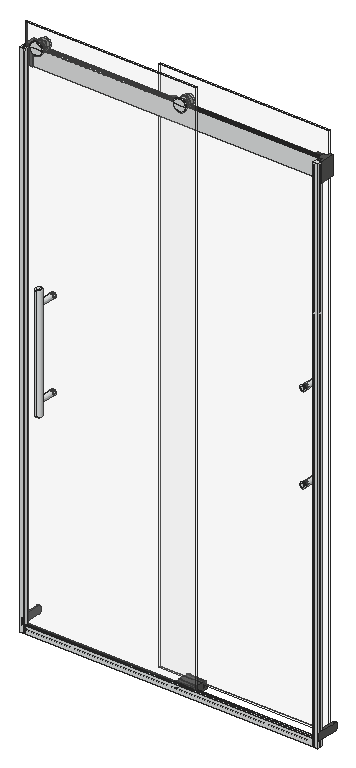
Revit family "Shower-Shower_Door-KOHLER-Levity_Plus-K-702427_1", category Specialty Equipment, host Face, Revit 2022
Family settings
  Host = Face
  Round Connector Dimension = Use Diameter
  Part Type = Normal
  OmniClass Number = 23.31.17.17
  OmniClass Title = Shower Enclosures
  Cut with Voids When Loaded = No
  Maintain Annotation Orientation = No
  Shared = No
  Room Calculation Point = No
Parameters (values of type "SHP-Bright Polished Silver")
  Width [instance] = Walk Thru + 25 205/256" + 199/256"  # 44 83/128"
  WaterSense Certified = 1 = 0  # no
  Walk Thru [instance] = 18 9/128"
  URL = "https://www.us.kohler.com/us/"
  Type = 1
  Product Page URL = "http://www.us.kohler.com/us/catalog/productDetails.jsp?productId=702427-L"
  Product Name = "Levity Plus"  # constant formula
  Product Documentation Link = "https://www.us.kohler.com/webassets/kpna/catalog/pdf/en/K-702427-L_spec_US-CA_Kohler_en.pdf"
  Model = if(Type = 1, "K-702427-L-SHP", if(Type = 2, "K-702427-L-BNK", if(Type = 3, "K-702427-L-BL", if(Type = 4, "K-702427-L-2MB", "NA"))))  # "K-702427-L-SHP"
  Material = "Premium Metal Construction"  # constant formula
  Master Format 2014 Name = "Shower Doors"  # constant formula
  Master Format 2014 = "10 28 19.16"  # constant formula
  Manufacturer Address = "444 Highland Dr, Kohler, WI 53044"  # constant formula
  Manufacturer = "KOHLER Co."  # constant formula
  Length = 7 11/128"  # constant formula
  Height = 81 157/256"  # constant formula
  Finish = Kohler-Metal-SHP-Bright_Polished_Silver
  Environmental Product Declaration = ""
  Description = "3/8 SHOWER DOOR 82 X 47-5/8 HANDLE"  # constant formula
  Default Elevation = 4"
  Declare Label = ""
  Date Modified = "03/24/2022"  # constant formula
  Date Created = "03/24/2022"  # constant formula
  Copyright = "Copyright KOHLER Co."  # constant formula
  Contact Us = "https://www.us.kohler.com/us/static/contact.jsp"
  Assembly Code = "C1030200"
  ADA Compliant = 1 = 0  # no
Reference planes (in)
  plane 1 "Center (Front/Back)": y = 0
  plane 2: z = 0
  plane 3 "Center (Left/Right)": x = 0
  plane 4: x = 18.07031
  plane 5: x = -25.80098
  plane 6: z = 47.95276
  plane 7: x = -21.8318
  plane 8: z = 45.84791
  plane 9: z = 30.94488
  plane 10: z = 32.92665
  plane 11: x = 18.84746
  plane 12: x = 14.7811
  plane 13: x = -1.99865
  plane 14: y = -0.5693
  plane 15: x = -5.09536
  plane 16: x = 16.5311
  plane 17: z = 81.61328
  plane 18: z = 77.55906
  plane 19: z = 78.82047
  plane 20: z = 75.66929
  plane 21: x = -5.09536
  plane 22: x = -5.09536
  plane 23: z = 78.22835
  plane 24: y = 3.98582
  plane 25: y = 4.41101
  plane 26: y = -2.23072
  plane 27: y = -2.67493
  plane 28: y = -0.06203
Dimensions and locks (in)
  "Walk Thru": plane 4 to plane 3 "Center (Left/Right)"
  locked: plane 4 to plane 11 at 0.77715
  locked: plane 16 to plane 4 at 1.53921
  locked: plane 12 to plane 16 at 1.75
  locked: plane 15 to plane 16 at 21.62646
  "Width": plane 5 to plane 11
  plane 9 to level = 30.94488"
  locked: plane 6 to plane 9 at 17.00787
  locked: plane 10 to plane 9 at 1.98177
  plane 6 to plane 8 = 2.10485"
  "Height": plane 17 to level
  plane 20 to level = 75.66929"
  "Length": plane 25 to plane 27
  plane 23 to plane 20 = 2.55906"
  aligned and locked: plane 2 to host face
  aligned and locked: level to host face
  aligned and locked: plane 1 "Center (Front/Back)" to nested 1
  aligned and locked: plane 3 "Center (Left/Right)" to nested 1
  aligned and locked: plane 4 to nested 1
Automatic sketch dimensions
  host sketch curve to host sketch curve = 96"  (x2)
Nested families (in)
  nested 1: "K-702427" at (0, -0.5693, 0), type "K-702427"
Definition of nested family "K-702427"
  Parameters (values of type "K-702427")
    Width = Walk Thru + 25.79921" + 0.77559"  # 44.64512"
    Walk Thru = 18 9/128"
    Material = none
    Height = 81.61417"
    Default Elevation = 0"
  Reference planes (in)
    plane 1 "Center (Front/Back)": y = 0
    plane 2: z = 0
    plane 3 "Center (Left/Right)": x = 0
    plane 4: z = 77.55906
    plane 5: z = 30.94488
    plane 6: z = 47.95276
    plane 7: x = 18.07031
    plane 8: x = 18.84746
    plane 9 "E": x = 14.7811
    plane 10 "B": x = -21.8318
    plane 11 "A": z = 78.82047
    plane 12: x = -28.99865
    plane 13: x = -1.99865
    plane 14: y = -2.1063
    plane 15: z = 32.92665
    plane 16: z = 45.92665
    plane 17: y = -1.66142
    plane 18 "C": x = 16.5311
    plane 19 "D": x = -10.4695
    plane 20: x = 18.507
    plane 21: x = -21.8318
    plane 22: z = 77.55906
    plane 23: x = -25.79766
    plane 24 "T": x = -5.09536
    plane 25: y = 0.5693
    plane 26: z = 81.61417
    plane 27: y = 4.98031
    plane 28: y = 4.55512
    plane 29: z = 78.82047
    plane 30: z = 75.66929
    plane 31: z = 78.22835
  Forms (in)
    Extrusion 1, solid
      sketch origin (0, 0, 0) x (1, 0, 0) y (0, 1, 0)
        loop
          line (-25.79766, 2.37158) -> (-25.79766, 0.38563)
          arc (-25.79766, 0.38563) -> (-25.78843, 0.36336) -> (-25.76616, 0.35413) r 0.0315
          line (-25.76616, 0.35413) -> (-25.50948, 0.35413)
          arc (-25.50948, 0.35413) -> (-25.48721, 0.36336) -> (-25.47798, 0.38563) r 0.0315
          line (-25.47798, 0.38563) -> (-25.47798, 0.85734)
          arc (-25.47798, 0.85734) -> (-25.46876, 0.87961) -> (-25.44649, 0.88884) r 0.0315
          line (-25.44649, 0.88884) -> (-24.84431, 0.88884)
          arc (-24.84431, 0.88884) -> (-24.82282, 0.89774) -> (-24.81392, 0.91923) r 0.03039
          line (-24.81392, 0.91923) -> (-24.81392, 2.02115) -> (-25.48127, 2.02858) -> (-25.48127, 2.37088)
          arc (-25.48127, 2.37088) -> (-25.49049, 2.39315) -> (-25.51276, 2.40237) r 0.0315
          line (-25.51276, 2.40237) -> (-25.76687, 2.40237)
          arc (-25.76687, 2.40237) -> (-25.78864, 2.39336) -> (-25.79766, 2.37158) r 0.03079
      from 75.5168 to 78.40592
    Extrusion 2, solid, material <- "Material", detail levels medium+fine
      sketch origin (0, 0, 0) x (1, 0, 0) y (0, 1, 0)
        loop
          line (-25.47591, 0.20982) -> (-25.47591, -0.20982) -> (-25.2813, -0.20982) -> (-25.2813, -0.27247) -> (-25.74014, -0.27247) -> (-25.74014, -0.30702) -> (-25.14015, -0.32797)
          arc (-25.14015, -0.32797) -> (-25.06472, -0.29901) -> (-25.03315, -0.22464) r 0.10339
          line (-25.03315, -0.22464) -> (-25.03315, 0.22464)
          arc (-25.03315, 0.22464) -> (-25.06472, 0.29901) -> (-25.14015, 0.32797) r 0.10339
          line (-25.14015, 0.32797) -> (-25.74014, 0.30702) -> (-25.74014, 0.27247) -> (-25.2813, 0.27247) -> (-25.2813, 0.20982) -> (-25.47591, 0.20982)
        loop
          line (-25.79766, 0.20982) -> (-25.60858, 0.20982) -> (-25.60858, 0) -> (-25.60858, -0.20982) -> (-25.79766, -0.20982) -> (-25.79766, -0.25253) -> (-25.56727, -0.25253) -> (-25.56727, 0) -> (-25.56727, 0.25253) -> (-25.79766, 0.25253) -> (-25.79766, 0.20982)
      from 0.08036 to 78.36942
    Extrusion 3, solid, material <- "Material", detail levels medium+fine
      sketch origin (0, 0, 0) x (1, 0, 0) y (0, 1, 0)
        loop
          line (-25.14015, 0.32797) -> (-25.74014, 0.30702) -> (-25.74014, 0.25253) -> (-25.79766, 0.25253) -> (-25.79766, -0.25253) -> (-25.74014, -0.25253) -> (-25.74014, -0.30702) -> (-25.14015, -0.32797)
          arc (-25.14015, -0.32797) -> (-25.06472, -0.29901) -> (-25.03315, -0.22464) r 0.10339
          line (-25.03315, -0.22464) -> (-25.03315, 0.22464)
          arc (-25.03315, 0.22464) -> (-25.06472, 0.29901) -> (-25.14015, 0.32797) r 0.10339
      from 78.33261 to 78.36942
    Extrusion 4, solid
      sketch origin (0, 0, 0) x (0, 1, 0) y (0, 0, 1)
        loop
          line (2.917, 2.13263) -> (-0.20982, 2.13263) -> (-0.20982, 1.05663) -> (2.93672, 1.05663)
          arc (2.93672, 1.05663) -> (3.10579, 1.12666) -> (3.17581, 1.29573) r 0.23909
          line (3.17581, 1.29573) -> (3.17581, 1.87382)
          arc (3.17581, 1.87382) -> (3.10001, 2.05683) -> (2.917, 2.13263) r 0.25882
      from -25.79766 to -25.47798
    Extrusion 5, solid, material <- "Material"
      sketch origin (0, 0, 0) x (0, 1, 0) y (0, 0, 1)
        loop
          arc (0, 0.33997) -> (0.03474, 0.38326) -> (0.08453, 0.35871) r 0.04434
          line (0.08453, 0.35871) -> (0.11423, 0.29502)
          arc (0.11423, 0.29502) -> (0.14686, 0.27839) -> (0.17089, 0.30603) r 0.02975
          line (0.17089, 0.30603) -> (0.20017, 0.86474)
          arc (0.20017, 0.86474) -> (0.19197, 0.88698) -> (0.17019, 0.89634) r 0.03002
          line (0.17019, 0.89634) -> (0.02343, 0.89634)
          arc (0.02343, 0.89634) -> (-0.02199, 0.94176) -> (0.02343, 0.98718) r 0.04542
          line (0.02343, 0.98718) -> (0.19567, 0.98718)
          arc (0.19567, 0.98718) -> (0.19347, 1.02749) -> (0.15814, 1.04703) r 0.04169
          line (0.15814, 1.04703) -> (-0.19878, 1.04703) -> (-0.19878, 0) -> (0.49474, 0) -> (0.49474, 0.07959) -> (0.14319, 0.07959)
          arc (0.14319, 0.07959) -> (0.04194, 0.12153) -> (0, 0.22278) r 0.14319
          line (0, 0.22278) -> (0, 0.33997)
        loop
          line (0.53901, 0.96058) -> (0.10163, 0.96058)
          arc (0.10163, 0.96058) -> (0.08163, 0.94058) -> (0.10163, 0.92059) r 0.01999
          line (0.10163, 0.92059) -> (0.53901, 0.92059)
          arc (0.53901, 0.92059) -> (0.559, 0.94058) -> (0.53901, 0.96058) r 0.01999
      from -25.47591 to 18.07031
    Revolve 6, solid, material <- "Material", detail levels medium+fine
      sketch origin (27, 0, 78.82047) x (0, -1, 0) y (1, 0, 0)
        loop
          line (0.14044, -28.99865) -> (-1.79905, -28.99865) -> (-1.79905, -29.69269) -> (-1.43263, -29.69269) -> (-1.43263, -29.74488)
          arc (-1.43263, -29.74488) -> (-1.24562, -29.80339) -> (-1.05861, -29.74488) r 0.32812
          line (-1.05861, -29.74488) -> (-1.05861, -29.53477) -> (-0.92215, -29.53477) -> (-0.92215, -29.73162) -> (-0.7253, -29.73162) -> (-0.7253, -29.46245) -> (-0.36761, -29.46245) -> (-0.36761, -29.6593) -> (-0.06827, -29.6593) -> (-0.06827, -29.89414) -> (-0.02811, -29.93431) -> (0.09751, -29.93431) -> (0.14044, -29.89138) -> (0.14044, -28.99865)
        axis (0.14044, -28.99865) -> (-1.79905, -28.99865)
      angle from 0 to 360
    Revolve 7, solid, material <- "Material", detail levels medium+fine
      sketch origin (5.51575, 0, 78.82047) x (0, -1, 0) y (1, 0, 0)
        loop
          line (0.14044, -28.99865) -> (-1.79905, -28.99865) -> (-1.79905, -29.69269) -> (-1.43263, -29.69269) -> (-1.43263, -29.74488)
          arc (-1.43263, -29.74488) -> (-1.24562, -29.80339) -> (-1.05861, -29.74488) r 0.32812
          line (-1.05861, -29.74488) -> (-1.05861, -29.53477) -> (-0.92215, -29.53477) -> (-0.92215, -29.73162) -> (-0.7253, -29.73162) -> (-0.7253, -29.46245) -> (-0.36761, -29.46245) -> (-0.36761, -29.6593) -> (-0.06827, -29.6593) -> (-0.06827, -29.89414) -> (-0.02811, -29.93431) -> (0.09751, -29.93431) -> (0.14044, -29.89138) -> (0.14044, -28.99865)
        axis (0.14044, -28.99865) -> (-1.79905, -28.99865)
      angle from 0 to 360
    Extrusion 8, solid, material <- "Material", detail levels medium+fine
      sketch origin (0, 0, 4.05512) x (0, 1, 0) y (0, 0, 1)
        loop
          line (0.97838, 74.09449) -> (0.97838, 71.53543) -> (1.85747, 71.53543)
          arc (1.85747, 71.53543) -> (1.9, 71.55305) -> (1.91761, 71.59558) r 0.06014
          line (1.91761, 71.59558) -> (1.91761, 71.86685)
          arc (1.91761, 71.86685) -> (1.89894, 71.92322) -> (1.85029, 71.95728) r 0.0944
          line (1.85029, 71.95728) -> (1.85029, 71.88022) -> (1.65621, 71.78388) -> (1.38912, 71.90889) -> (1.38912, 73.51607)
          arc (1.38912, 73.51607) -> (1.41101, 73.5689) -> (1.46384, 73.59079) r 0.07472
          line (1.46384, 73.59079) -> (1.84605, 73.59079) -> (1.84605, 73.41713) -> (1.8957, 73.41713)
          arc (1.8957, 73.41713) -> (1.91735, 73.42609) -> (1.92632, 73.44774) r 0.03062
          line (1.92632, 73.44774) -> (1.92632, 74.04029)
          arc (1.92632, 74.04029) -> (1.91044, 74.07861) -> (1.87212, 74.09449) r 0.0542
          line (1.87212, 74.09449) -> (1.69975, 74.09449) -> (1.69975, 74.01045) -> (1.81407, 74.01045)
          arc (1.81407, 74.01045) -> (1.84489, 73.99768) -> (1.85765, 73.96686) r 0.04358
          line (1.85765, 73.96686) -> (1.85765, 73.8136) -> (1.31287, 73.8136) -> (1.31287, 73.88222) -> (1.44737, 73.94211) -> (1.44737, 73.98613)
          arc (1.44737, 73.98613) -> (1.43926, 74.00107) -> (1.42231, 74.0024) r 0.01781
          line (1.42231, 74.0024) -> (1.24538, 73.92362) -> (1.04592, 74.01243) -> (1.04592, 74.07466)
          arc (1.04592, 74.07466) -> (1.04011, 74.08868) -> (1.02609, 74.09449) r 0.01983
          line (1.02609, 74.09449) -> (0.97838, 74.09449)
      from -25.2813 to 18.07031
    Extrusion 9, solid
      sketch origin (0, 0, 78.82047) x (0, -1, 0) y (1, 0, 0)
        loop
          line (-0.71867, -0.02758) -> (-0.71867, -25.40258) -> (-0.65617, -25.46508) -> (-0.40117, -25.46508) -> (-0.33867, -25.40258) -> (-0.33867, -0.02758) -> (-0.40117, 0.03492) -> (-0.65617, 0.03492) -> (-0.71867, -0.02758)
      from 2.7937 to -78.11048
    Extrusion 10, solid
      sketch origin (0, 0, 0) x (0, 1, 0) y (0, 0, 1)
        loop
          line (2.79395, 0) -> (2.73913, 1.04611)
          arc (2.73913, 1.04611) -> (2.73201, 1.06155) -> (2.71622, 1.06785) r 0.02294
          line (2.71622, 1.06785) -> (2.58256, 1.06785)
          arc (2.58256, 1.06785) -> (2.56781, 1.06181) -> (2.56152, 1.04717) r 0.02105
          line (2.56152, 1.04717) -> (2.54725, 0.22974)
          arc (2.54725, 0.22974) -> (2.52045, 0.16735) -> (2.45761, 0.14164) r 0.08966
          line (2.45761, 0.14164) -> (2.27292, 0.14164)
          arc (2.27292, 0.14164) -> (2.21358, 0.16532) -> (2.18684, 0.22333) r 0.0862
          line (2.18684, 0.22333) -> (2.14487, 1.02412)
          arc (2.14487, 1.02412) -> (2.13055, 1.05518) -> (2.09879, 1.06785) r 0.04614
          line (2.09879, 1.06785) -> (1.06637, 1.06785)
          arc (1.06637, 1.06785) -> (1.03461, 1.05518) -> (1.02029, 1.02412) r 0.04614
          line (1.02029, 1.02412) -> (0.97833, 0.22333)
          arc (0.97833, 0.22333) -> (0.95158, 0.16532) -> (0.89225, 0.14164) r 0.0862
          line (0.89225, 0.14164) -> (0.70755, 0.14164)
          arc (0.70755, 0.14164) -> (0.64471, 0.16735) -> (0.61791, 0.22974) r 0.08966
          line (0.61791, 0.22974) -> (0.60364, 1.04717)
          arc (0.60364, 1.04717) -> (0.59735, 1.06181) -> (0.5826, 1.06785) r 0.02105
          line (0.5826, 1.06785) -> (0.30693, 1.06785) -> (0.30693, 0.16201) -> (0.47604, 0.16201)
          arc (0.47604, 0.16201) -> (0.50033, 0.15195) -> (0.51039, 0.12766) r 0.03435
          line (0.51039, 0.12766) -> (0.51039, 0.08994)
          arc (0.51039, 0.08994) -> (0.52098, 0.06032) -> (0.54793, 0.04411) r 0.04675
          arc (0.54793, 0.04411) -> (0.76846, 0.01105) -> (0.99117, 0) r 2.24921
          line (0.99117, 0) -> (2.79395, 0)
      from -3.12027 to -0.34077
    Revolve 11, solid, material <- "Material"
      sketch origin (-21.8318, 0, -13) x (0, 1, 0) y (0, 0, 1)
        loop
          line (0.4133, 46.30165) -> (-1.48742, 46.30165) -> (-1.48742, 45.92665) -> (1.02083, 45.92665) -> (1.02083, 46.29349)
          arc (1.02083, 46.29349) -> (1.01123, 46.31665) -> (0.98807, 46.32625) r 0.03275
          line (0.98807, 46.32625) -> (0.79735, 46.32625)
          arc (0.79735, 46.32625) -> (0.7725, 46.31596) -> (0.76221, 46.29111) r 0.03514
          line (0.76221, 46.29111) -> (0.76221, 46.17665) -> (0.4133, 46.17665) -> (0.4133, 46.30165)
        axis (1.02083, 45.92665) -> (-1.48742, 45.92665)
      angle from 0 to 360
    Revolve 12, solid, material <- "Material", detail levels medium+fine
      sketch origin (-21.8318, 0, 0) x (0, 1, 0) y (0, 0, 1)
        loop
          line (-1.66142, 47.95276) -> (-2.05116, 47.95276) -> (-2.1063, 47.89762) -> (-2.1063, 30.99482) -> (-2.05637, 30.94488) -> (-1.66142, 30.94488) -> (-1.66142, 47.95276)
        axis (-1.66142, 30.94488) -> (-1.66142, 47.95276)
      angle from 0 to 360
    Revolve 13, solid, material <- "Material"
      sketch origin (-5.09536, 0, 4.05512) x (0, -1, 0) y (0, 0, 1)
        loop
          line (-2.99093, 73.55511) -> (-3.03171, 73.51433) -> (-3.03171, 72.61552) -> (-1.91129, 72.61552) -> (-1.91129, 73.35161) -> (-2.16793, 73.35161) -> (-2.16793, 73.2217) -> (-2.52933, 73.2217) -> (-2.52933, 73.27972) -> (-2.82297, 73.27972) -> (-2.82297, 73.51347) -> (-2.86461, 73.55511) -> (-2.99093, 73.55511)
        axis (-1.91129, 72.61552) -> (-3.03171, 72.61552)
      angle from 0 to 360
    Revolve 14, solid, material <- "Material"
      sketch origin (16.5311, 0, 4.05512) x (0, 0, -1) y (0, -1, 0)
        loop
          line (-73.55511, -2.99093) -> (-73.51433, -3.03171) -> (-72.61552, -3.03171) -> (-72.61552, -1.91129) -> (-73.35161, -1.91129) -> (-73.35161, -2.16793) -> (-73.2217, -2.16793) -> (-73.2217, -2.52933) -> (-73.27972, -2.52933) -> (-73.27972, -2.82297) -> (-73.51347, -2.82297) -> (-73.55511, -2.86461) -> (-73.55511, -2.99093)
        axis (-72.61552, -1.91129) -> (-72.61552, -3.03171)
      angle from 0 to 360
    Revolve 15, solid, material <- "Material", detail levels medium+fine
      sketch origin (14.7811, -0.02461, 0) x (0, 0, 1) y (0, -1, 0)
        loop
          line (46.30165, -2.50574) -> (46.17665, -2.50574) -> (46.17665, -2.15684) -> (46.29111, -2.15684)
          arc (46.29111, -2.15684) -> (46.31596, -2.14654) -> (46.32625, -2.1217) r 0.03514
          line (46.32625, -2.1217) -> (46.32625, -1.93098)
          arc (46.32625, -1.93098) -> (46.31665, -1.90781) -> (46.29349, -1.89822) r 0.03275
          line (46.29349, -1.89822) -> (45.92665, -1.89822) -> (45.92665, -4.50988) -> (46.30165, -4.50988) -> (46.30165, -2.50574)
        axis (45.92665, -1.89822) -> (45.92665, -4.50988)
      angle from 0 to 360
    Revolve 16, solid, material <- "Material", detail levels medium+fine
      sketch origin (14.7811, -0.02461, -13) x (0, 0, 1) y (0, -1, 0)
        loop
          line (46.30165, -2.50454) -> (46.17665, -2.50454) -> (46.17665, -2.15684) -> (46.29111, -2.15684)
          arc (46.29111, -2.15684) -> (46.31596, -2.14654) -> (46.32625, -2.1217) r 0.03514
          line (46.32625, -2.1217) -> (46.32625, -1.93098)
          arc (46.32625, -1.93098) -> (46.31665, -1.90781) -> (46.29349, -1.89822) r 0.03275
          line (46.29349, -1.89822) -> (45.92665, -1.89822) -> (45.92665, -4.50988) -> (46.30165, -4.50988) -> (46.30165, -2.50454)
        axis (45.92665, -1.89822) -> (45.92665, -4.50988)
      angle from 0 to 360
    Revolve 17, solid, material <- "Material", detail levels medium+fine
      sketch origin (14.7811, 0, 0) x (0, 0, 1) y (0, -1, 0)
        loop
          line (47.95276, -4.55512) -> (30.94488, -4.55512) -> (30.94488, -4.94882) -> (30.97605, -4.97999) -> (47.91638, -4.97999) -> (47.95276, -4.94362) -> (47.95276, -4.55512)
        axis (30.94488, -4.55512) -> (47.95276, -4.55512)
      angle from 0 to 360
    Extrusion 18, solid
      sketch origin (0, 0, 78.82047) x (0, -1, 0) y (1, 0, 0)
        loop
          line (-2.40428, 18.84746) -> (-2.40428, 18.646)
          arc (-2.40428, 18.646) -> (-2.37444, 18.57397) -> (-2.30241, 18.54413) r 0.10187
          line (-2.30241, 18.54413) -> (-2.09932, 18.54413)
          arc (-2.09932, 18.54413) -> (-2.03657, 18.51814) -> (-2.01058, 18.45539) r 0.08874
          line (-2.01058, 18.45539) -> (-2.01058, 17.91922)
          arc (-2.01058, 17.91922) -> (-1.99255, 17.87567) -> (-1.949, 17.85764) r 0.06158
          line (-1.949, 17.85764) -> (-0.96774, 17.85764)
          arc (-0.96774, 17.85764) -> (-0.9202, 17.87733) -> (-0.90051, 17.92487) r 0.06723
          line (-0.90051, 17.92487) -> (-0.90051, 18.43479)
          arc (-0.90051, 18.43479) -> (-0.8829, 18.4773) -> (-0.84038, 18.49492) r 0.06013
          line (-0.84038, 18.49492) -> (-0.37453, 18.49492)
          arc (-0.37453, 18.49492) -> (-0.34132, 18.50867) -> (-0.32756, 18.54188) r 0.04697
          line (-0.32756, 18.54188) -> (-0.32756, 18.84746) -> (-2.40428, 18.84746)
      from -0.4295 to -3.30367
    Extrusion 19, solid
      sketch origin (0, 0, 0) x (0, 1, 0) y (0, 0, -1)
        loop
          arc (2.917, -2.13263) -> (3.10001, -2.05683) -> (3.17581, -1.87382) r 0.25882
          line (3.17581, -1.87382) -> (3.17581, -1.29573)
          arc (3.17581, -1.29573) -> (3.10579, -1.12666) -> (2.93672, -1.05663) r 0.23909
          line (2.93672, -1.05663) -> (-0.23901, -1.05663) -> (-0.23901, -2.13263) -> (2.917, -2.13263)
      from -18.507 to -18.84746
    Extrusion 20, solid, material <- "Material"
      sketch origin (0, 0, 78.82047) x (0, -1, 0) y (1, 0, 0)
        loop
          line (-0.32756, 18.07031) -> (0.31775, 18.07031) -> (0.31775, 18.84746) -> (0.23901, 18.84746) -> (0.23901, 18.14905) -> (-0.24882, 18.14905) -> (-0.24882, 18.84746) -> (-0.32756, 18.84746) -> (-0.32756, 18.07031)
      from -78.74089 to -0.5382
    Extrusion 21, solid, material <- "Material"
      sketch origin (0, 0, 0) x (1, 0, 0) y (0, 1, 0)
        loop
          line (18.84746, 0.32756) -> (18.07031, 0.32756) -> (18.07031, -0.31775) -> (18.84746, -0.31775) -> (18.84746, 0.32756)
      from 58.2429 to 58.11024
    Extrusion 22, solid
      sketch origin (0, 0, 78.82047) x (0, -1, 0) y (1, 0, 0)
        loop
          line (-2.20943, 18.507) -> (-2.49317, 18.507) -> (-2.5413, 18.45887) -> (-2.5413, -6.91726) -> (-2.47993, -6.97863) -> (-2.2238, -6.97863) -> (-2.1613, -6.91613) -> (-2.1613, 18.45887) -> (-2.20943, 18.507)
      from -78.11048 to 2.7937
    Revolve 23, solid, material <- "Material"
      sketch origin (-21.8318, 0, 0) x (0, 1, 0) y (0, 0, 1)
        loop
          line (0.4133, 46.30165) -> (-1.48742, 46.30165) -> (-1.48742, 45.92665) -> (1.02083, 45.92665) -> (1.02083, 46.29349)
          arc (1.02083, 46.29349) -> (1.01123, 46.31665) -> (0.98807, 46.32625) r 0.03275
          line (0.98807, 46.32625) -> (0.79735, 46.32625)
          arc (0.79735, 46.32625) -> (0.7725, 46.31596) -> (0.76221, 46.29111) r 0.03514
          line (0.76221, 46.29111) -> (0.76221, 46.17665) -> (0.4133, 46.17665) -> (0.4133, 46.30165)
        axis (1.02083, 45.92665) -> (-1.48742, 45.92665)
      angle from 0 to 360
    Extrusion 24, solid, material <- "Material", detail levels coarse
      sketch origin (0, 0, 78.82047) x (0, -1, 0) y (1, 0, 0)
        loop
          line (-0.32797, -25.03315) -> (-0.32797, -25.79766) -> (0.32797, -25.79766) -> (0.32797, -25.03315) -> (-0.32797, -25.03315)
      from -78.74011 to -0.45105
    Revolve 25, solid, material <- "Material", detail levels coarse
      sketch origin (5.51575, 0, 78.82047) x (0, -1, 0) y (1, 0, 0)
        loop
          line (0.14044, -28.99865) -> (-1.79905, -28.99865) -> (-1.79905, -29.69269) -> (-1.43263, -29.69269) -> (-1.43263, -29.74488) -> (-1.05861, -29.74488) -> (-1.05861, -29.53477) -> (-0.92215, -29.53477) -> (-0.92215, -29.73162) -> (-0.7253, -29.73162) -> (-0.7253, -29.6593) -> (-0.06827, -29.6593) -> (-0.06827, -29.93431) -> (0.14044, -29.93431) -> (0.14044, -28.99865)
        axis (-1.79905, -28.99865) -> (0.14044, -28.99865)
      angle from 0 to 360
    Revolve 26, solid, material <- "Material", detail levels coarse
      sketch origin (27, 0, 78.82047) x (0, -1, 0) y (1, 0, 0)
        loop
          line (0.14044, -28.99865) -> (-1.79905, -28.99865) -> (-1.79905, -29.69269) -> (-1.43263, -29.69269) -> (-1.43263, -29.74488) -> (-1.05861, -29.74488) -> (-1.05861, -29.53477) -> (-0.92215, -29.53477) -> (-0.92215, -29.73162) -> (-0.7253, -29.73162) -> (-0.7253, -29.6593) -> (-0.06827, -29.6593) -> (-0.06827, -29.93431) -> (0.14044, -29.93431) -> (0.14044, -28.99865)
        axis (-1.79905, -28.99865) -> (0.14044, -28.99865)
      angle from 0 to 360
    Extrusion 27, solid, material <- "Material", detail levels coarse
      sketch origin (0, 0, 0) x (1, 0, 0) y (0, 0, 1)
        loop
          circle (-21.8318, 45.92665) r 0.3937
        loop
          circle (-21.8318, 32.92665) r 0.3937
      from -1.02039 to 1.5837
    Extrusion 28, solid, material <- "Material", detail levels coarse
      sketch origin (-1.451, 0, 78.82047) x (0, -1, 0) y (1, 0, 0)
        loop
          circle (1.66142, -20.3808) r 0.44363
      from -30.86772 to -47.87559
    Revolve 29, solid, material <- "Material", detail levels coarse
      sketch origin (14.7811, 0, 0) x (0, 0, 1) y (0, -1, 0)
        loop
          line (45.92665, -1.87284) -> (45.92665, -4.47693) -> (46.30165, -4.47693) -> (46.30165, -1.87284) -> (45.92665, -1.87284)
        axis (45.92665, -1.87284) -> (45.92665, -4.47693)
      angle from 0 to 360
    Revolve 30, solid, material <- "Material", detail levels coarse
      sketch origin (14.7811, 0, 0) x (0, 0, 1) y (0, -1, 0)
        loop
          line (32.92665, -1.87284) -> (32.92665, -4.47693) -> (33.30165, -4.47693) -> (33.30165, -1.87284) -> (32.92665, -1.87284)
        axis (32.92665, -1.87284) -> (32.92665, -4.47693)
      angle from 0 to 360
    Extrusion 31, solid, material <- "Material", detail levels coarse
      sketch origin (0, 0, 4.05512) x (0, 1, 0) y (0, 0, 1)
        loop
          line (0.97838, 74.09449) -> (0.97838, 71.53543) -> (1.92632, 71.53543) -> (1.92632, 74.09449) -> (0.97838, 74.09449)
      from -25.47798 to 18.07031
    Revolve 32, solid, material <- "Material", detail levels coarse
      sketch origin (14.7811, 0, 0) x (0, 0, 1) y (0, -1, 0)
        loop
          line (47.95276, -4.98031) -> (47.95276, -4.55545) -> (30.94488, -4.55545) -> (30.94488, -4.98031) -> (47.95276, -4.98031)
        axis (30.94488, -4.55545) -> (47.95276, -4.55545)
      angle from 0 to 360
    Extrusion 33, solid, material <- "Material"
      sketch origin (0, 0, 78.28227) x (0, -1, 0) y (1, 0, 0)
        loop
          line (0.31775, 18.07031) -> (0.31775, 18.84746) -> (-0.32756, 18.84746) -> (-0.32756, 18.07031) -> (0.31775, 18.07031)
      from 0 to 0.08715
  Cuts and joins
    joined: Extrusion 2, Extrusion 3
    joined: Extrusion 20, Extrusion 21, Extrusion 33
  Lines and regions (in)
    Masking region 1
      outline origin (0, 0, 0) x (1, 0, 0) y (0, 0, 1)
        loop
          line (-25.47617, 81.61417) -> (-25.47617, 78.40592) -> (-25.79766, 78.40592) -> (-25.79766, 0.08036) -> (-25.47591, 0.08036) -> (-25.47591, 0) -> (18.07031, 0) -> (18.07031, 0.07959) -> (18.84746, 0.07959) -> (18.84746, 78.39098) -> (18.507, 78.39098) -> (18.507, 81.61417) -> (-25.47617, 81.61417)
    Masking region 2
      outline origin (-5.09536, 0, 0) x (0, -1, 0) y (0, 0, 1)
        loop
          line (-3.17581, 1.87382) -> (-3.17581, 1.29573)
          arc (-3.17581, 1.29573) -> (-3.10579, 1.12666) -> (-2.93672, 1.05663) r 0.23909
          line (-2.93672, 1.05663) -> (-2.73858, 1.05663) -> (-2.79395, 0) -> (-0.99117, 0)
          arc (-0.99117, 0) -> (-0.76846, 0.01105) -> (-0.54793, 0.04411) r 2.24921
          arc (-0.54793, 0.04411) -> (-0.52098, 0.06032) -> (-0.51039, 0.08994) r 0.04675
          line (-0.51039, 0.08994) -> (-0.51039, 0.12766)
          arc (-0.51039, 0.12766) -> (-0.50033, 0.15195) -> (-0.47604, 0.16201) r 0.03435
          line (-0.47604, 0.16201) -> (-0.32803, 0.16201) -> (-0.32803, 0.07959) -> (-0.49474, 0.07959) -> (-0.49474, 0) -> (0.19878, 0) -> (0.19878, 0.08036) -> (0.32797, 0.08036) -> (0.32797, 32.55165) -> (1.21778, 32.55165) -> (1.21778, 30.99482) -> (1.26772, 30.94488) -> (2.05637, 30.94488) -> (2.1063, 30.99482) -> (2.1063, 47.90282) -> (2.05637, 47.95276) -> (1.26772, 47.95276) -> (1.21778, 47.90282) -> (1.21778, 46.30165) -> (0.32797, 46.30165) -> (0.32797, 78.36942) -> (0.14044, 78.36942) -> (0.14044, 79.71399) -> (0.09747, 79.75695) -> (-0.02728, 79.75695) -> (-0.06827, 79.71596) -> (-0.06827, 79.48112) -> (-0.33867, 79.48112) -> (-0.33867, 81.61417) -> (-0.7253, 81.61417) -> (-0.7253, 79.55344) -> (-0.92215, 79.55344) -> (-0.92215, 79.35659) -> (-1.05861, 79.35659) -> (-1.05861, 79.5667)
          arc (-1.05861, 79.5667) -> (-1.24562, 79.62242) -> (-1.43263, 79.5667) r 0.34168
          line (-1.43263, 79.5667) -> (-1.43263, 79.51451) -> (-1.79905, 79.51451) -> (-1.79905, 78.82047) -> (-1.79905, 78.36942) -> (-2.1613, 78.36942) -> (-2.1613, 81.61417) -> (-2.5413, 81.61417) -> (-2.5413, 77.33483) -> (-2.82297, 77.33483) -> (-2.82297, 77.56858) -> (-2.86461, 77.61023) -> (-2.99093, 77.61023) -> (-3.03171, 77.56945) -> (-3.03171, 75.77183) -> (-2.99093, 75.73105) -> (-2.86461, 75.73105) -> (-2.82297, 75.7727) -> (-2.82297, 76.00645) -> (-2.5413, 76.00645) -> (-2.5413, 46.30165) -> (-4.13058, 46.30165) -> (-4.13058, 47.90282) -> (-4.18051, 47.95276) -> (-4.93038, 47.95276) -> (-4.98031, 47.90282) -> (-4.98031, 30.99482) -> (-4.93038, 30.94488) -> (-4.18051, 30.94488) -> (-4.13058, 30.99482) -> (-4.13058, 32.55165) -> (-2.5413, 32.55165) -> (-2.5413, 2.13263) -> (-2.917, 2.13263)
          arc (-2.917, 2.13263) -> (-3.10001, 2.05683) -> (-3.17581, 1.87382) r 0.25882
        loop
          arc (-2.54725, 0.22974) -> (-2.52045, 0.16735) -> (-2.45761, 0.14164) r 0.08966
          line (-2.45761, 0.14164) -> (-2.27292, 0.14164)
          arc (-2.27292, 0.14164) -> (-2.21358, 0.16532) -> (-2.18684, 0.22333) r 0.0862
          line (-2.18684, 0.22333) -> (-2.16133, 0.71) -> (-2.5413, 0.71) -> (-2.56169, 1.05663) -> (-2.54725, 0.22974)
        loop
          arc (-0.97833, 0.22333) -> (-0.95158, 0.16532) -> (-0.89225, 0.14164) r 0.0862
          line (-0.89225, 0.14164) -> (-0.70755, 0.14164)
          arc (-0.70755, 0.14164) -> (-0.64471, 0.16735) -> (-0.61791, 0.22974) r 0.08966
          line (-0.61791, 0.22974) -> (-0.60953, 0.71) -> (-0.71867, 0.71) -> (-0.71867, 1.05663) -> (-1.03622, 1.05663)
          arc (-1.03622, 1.05663) -> (-1.02494, 1.04201) -> (-1.02029, 1.02412) r 0.04614
          line (-1.02029, 1.02412) -> (-0.97833, 0.22333)
        loop
          line (-0.7253, 2.13263) -> (-0.7253, 32.67665) -> (-0.76221, 32.67665) -> (-0.76221, 32.5633)
          arc (-0.76221, 32.5633) -> (-0.7727, 32.53797) -> (-0.79804, 32.52748) r 0.03582
          line (-0.79804, 32.52748) -> (-0.98952, 32.52748)
          arc (-0.98952, 32.52748) -> (-1.01135, 32.53652) -> (-1.02039, 32.55834) r 0.03087
          line (-1.02039, 32.55834) -> (-1.02039, 33.29495)
          arc (-1.02039, 33.29495) -> (-1.01135, 33.31678) -> (-0.98952, 33.32582) r 0.03087
          line (-0.98952, 33.32582) -> (-0.79804, 33.32582)
          arc (-0.79804, 33.32582) -> (-0.7727, 33.31533) -> (-0.76221, 33.29) r 0.03582
          line (-0.76221, 33.29) -> (-0.76221, 33.17665) -> (-0.7253, 33.17665) -> (-0.7253, 45.67665) -> (-0.76221, 45.67665) -> (-0.76221, 45.5633)
          arc (-0.76221, 45.5633) -> (-0.7727, 45.53797) -> (-0.79804, 45.52748) r 0.03582
          line (-0.79804, 45.52748) -> (-0.98952, 45.52748)
          arc (-0.98952, 45.52748) -> (-1.01135, 45.53652) -> (-1.02039, 45.55834) r 0.03087
          line (-1.02039, 45.55834) -> (-1.02039, 46.29495)
          arc (-1.02039, 46.29495) -> (-1.01135, 46.31678) -> (-0.98952, 46.32582) r 0.03087
          line (-0.98952, 46.32582) -> (-0.79804, 46.32582)
          arc (-0.79804, 46.32582) -> (-0.7727, 46.31533) -> (-0.76221, 46.29) r 0.03582
          line (-0.76221, 46.29) -> (-0.76221, 46.17665) -> (-0.7253, 46.17665) -> (-0.7253, 75.5168) -> (-2.1613, 75.5168) -> (-2.1613, 46.29)
          arc (-2.1613, 46.29) -> (-2.15081, 46.31533) -> (-2.12548, 46.32582) r 0.03582
          line (-2.12548, 46.32582) -> (-1.90371, 46.32582)
          arc (-1.90371, 46.32582) -> (-1.88189, 46.31678) -> (-1.87284, 46.29495) r 0.03087
          line (-1.87284, 46.29495) -> (-1.87284, 45.55834)
          arc (-1.87284, 45.55834) -> (-1.88189, 45.53652) -> (-1.90371, 45.52748) r 0.03087
          line (-1.90371, 45.52748) -> (-2.12548, 45.52748)
          arc (-2.12548, 45.52748) -> (-2.15081, 45.53797) -> (-2.1613, 45.5633) r 0.03582
          line (-2.1613, 45.5633) -> (-2.1613, 33.29)
          arc (-2.1613, 33.29) -> (-2.15081, 33.31533) -> (-2.12548, 33.32582) r 0.03582
          line (-2.12548, 33.32582) -> (-1.93399, 33.32582)
          arc (-1.93399, 33.32582) -> (-1.91216, 33.31678) -> (-1.90312, 33.29495) r 0.03087
          line (-1.90312, 33.29495) -> (-1.90312, 32.55834)
          arc (-1.90312, 32.55834) -> (-1.91216, 32.53652) -> (-1.93399, 32.52748) r 0.03087
          line (-1.93399, 32.52748) -> (-2.12548, 32.52748)
          arc (-2.12548, 32.52748) -> (-2.15081, 32.53797) -> (-2.1613, 32.5633) r 0.03582
          line (-2.1613, 32.5633) -> (-2.1613, 2.13263) -> (-0.7253, 2.13263)
        loop
          line (1.21778, 33.30165) -> (1.21778, 45.55165) -> (0.32797, 45.55165) -> (0.32797, 33.30165) -> (1.21778, 33.30165)
        loop
          line (-4.13058, 33.30165) -> (-2.5413, 33.30165) -> (-2.5413, 45.55165) -> (-4.13058, 45.55165) -> (-4.13058, 33.30165)
    Masking region 3
      outline origin (0, 0, 78.82047) x (0, -1, 0) y (1, 0, 0)
        loop
          line (-0.97838, -24.01903) -> (-0.97838, -24.81392) -> (-0.91923, -24.81392)
          arc (-0.91923, -24.81392) -> (-0.89774, -24.82282) -> (-0.88884, -24.84431) r 0.03039
          line (-0.88884, -24.84431) -> (-0.88884, -25.44649)
          arc (-0.88884, -25.44649) -> (-0.87961, -25.46876) -> (-0.85734, -25.47798) r 0.0315
          line (-0.85734, -25.47798) -> (-0.60476, -25.47798) -> (-0.5693, -25.46508) -> (-0.65617, -25.46508) -> (-0.71867, -25.40258) -> (-0.71867, -24.21588) -> (-0.92215, -24.21588) -> (-0.92215, -24.01903) -> (-0.97838, -24.01903)
        loop
          line (0.32797, -25.79766) -> (0.32797, -25.03315) -> (0.19878, -25.03315) -> (0.19878, -22.20828) -> (1.42438, -22.20828)
          arc (1.42438, -22.20828) -> (1.87644, -22.22127) -> (2.1063, -21.8318) r 0.44488
          arc (2.1063, -21.8318) -> (1.87644, -21.44233) -> (1.42438, -21.45533) r 0.44488
          line (1.42438, -21.45533) -> (0.19878, -21.45533) -> (0.19878, 18.07031) -> (0.31775, 18.07031) -> (0.31775, 18.84746) -> (-3.17581, 18.84746) -> (-3.17581, 18.507) -> (-2.06401, 18.507)
          arc (-2.06401, 18.507) -> (-2.02623, 18.49135) -> (-2.01058, 18.45357) r 0.05343
          line (-2.01058, 18.45357) -> (-2.01058, 17.85764) -> (-1.92632, 17.85764) -> (-1.92632, -0.34077) -> (-2.79395, -0.34077) -> (-2.79395, -3.12027) -> (-1.92632, -3.12027) -> (-1.92632, -24.81392) -> (-2.02115, -24.81392) -> (-2.02855, -25.47798) -> (-3.17581, -25.47798) -> (-3.17581, -25.79766) -> (0.32797, -25.79766)
        loop
          line (-0.92215, -22.94679) -> (-0.92215, -22.74994) -> (-0.71867, -22.74994) -> (-0.71867, -22.0818) -> (-0.76221, -22.0818) -> (-0.76221, -22.19641)
          arc (-0.76221, -22.19641) -> (-0.77237, -22.22092) -> (-0.79688, -22.23108) r 0.03466
          line (-0.79688, -22.23108) -> (-0.97838, -22.23108) -> (-0.97838, -22.94679) -> (-0.92215, -22.94679)
        loop
          line (-0.97838, -3.12027) -> (-0.97838, -21.43253) -> (-0.79688, -21.43253)
          arc (-0.79688, -21.43253) -> (-0.77237, -21.44268) -> (-0.76221, -21.46719) r 0.03466
          line (-0.76221, -21.46719) -> (-0.76221, -21.5818) -> (-0.71867, -21.5818) -> (-0.71867, -3.12027) -> (-0.97838, -3.12027)
        loop
          line (-0.97838, 17.85764) -> (-0.97838, -0.34077) -> (-0.71867, -0.34077) -> (-0.71867, -0.02758) -> (-0.65617, 0.03492) -> (-0.55909, 0.03492) -> (-0.55909, 18.07031) -> (-0.32756, 18.07031) -> (-0.32756, 18.507) -> (-0.83803, 18.507)
          arc (-0.83803, 18.507) -> (-0.88221, 18.4887) -> (-0.90051, 18.44452) r 0.06248
          line (-0.90051, 18.44452) -> (-0.90051, 17.85764) -> (-0.97838, 17.85764)
    Masking region 4
      outline origin (0, 0, 78.82047) x (0, -1, 0) y (1, 0, 0)
        loop
          line (-3.03171, -5.99416) -> (-2.99083, -6.03505) -> (-2.86471, -6.03505) -> (-2.82297, -5.9933) -> (-2.82297, -5.75955) -> (-2.5413, -5.75955) -> (-2.5413, -6.91726) -> (-2.47993, -6.97863) -> (-2.2238, -6.97863) -> (-2.1613, -6.91613) -> (-2.1613, -5.83145) -> (-1.92632, -5.83145) -> (-1.92632, -4.35927) -> (-2.1613, -4.35927) -> (-2.1613, 14.41605)
          arc (-2.1613, 14.41605) -> (-2.15111, 14.39144) -> (-2.1265, 14.38125) r 0.0348
          line (-2.1265, 14.38125) -> (-1.92632, 14.38125) -> (-1.92632, 15.18095) -> (-2.1265, 15.18095)
          arc (-2.1265, 15.18095) -> (-2.15111, 15.17076) -> (-2.1613, 15.14615) r 0.0348
          line (-2.1613, 15.14615) -> (-2.1613, 15.79242) -> (-1.92632, 15.79242) -> (-1.92632, 17.26978) -> (-2.1613, 17.26978) -> (-2.1613, 18.45887) -> (-2.20943, 18.507) -> (-2.49317, 18.507) -> (-2.5413, 18.45887) -> (-2.5413, 17.19529) -> (-2.82297, 17.19529) -> (-2.82297, 17.42904) -> (-2.8647, 17.47078) -> (-2.99084, 17.47078) -> (-3.03171, 17.42991) -> (-3.03171, 16.5311) -> (-3.03171, 15.63229) -> (-2.99084, 15.59142) -> (-2.8647, 15.59142) -> (-2.82297, 15.63316) -> (-2.82297, 15.86691) -> (-2.5413, 15.86691) -> (-2.5413, 15.1561) -> (-4.35572, 15.1561)
          arc (-4.35572, 15.1561) -> (-4.77414, 15.14536) -> (-4.98031, 14.7811) r 0.42487
          arc (-4.98031, 14.7811) -> (-4.77414, 14.41684) -> (-4.35572, 14.4061) r 0.42487
          line (-4.35572, 14.4061) -> (-2.5413, 14.4061) -> (-2.5413, -4.43116) -> (-2.82297, -4.43116) -> (-2.82297, -4.19741) -> (-2.86471, -4.15567) -> (-2.99083, -4.15567) -> (-3.03171, -4.19655) -> (-3.03171, -5.09536) -> (-3.03171, -5.99416)
    symbolic lines, detail levels medium+fine
      curve 1: line (16.5311, 1.79905, 78.36942) -> (16.5311, 0.4133, 78.36942)
      curve 2: line (16.5311, 1.43263, 79.51451) -> (16.5311, 1.43263, 78.36942)
      curve 3: line (16.5311, 1.05861, 79.35659) -> (16.5311, 1.05861, 78.36942)
      curve 4: line (16.5311, 0.92215, 79.35659) -> (16.5311, 0.92215, 78.36942)
      curve 5: line (16.5311, 0.7253, 79.55344) -> (16.5311, 0.7253, 78.36942)
      curve 6: line (16.5311, -0.14044, 78.40592) -> (16.5311, 0.32756, 78.40592)
      curve 7: line (16.5311, 0.06827, 79.48112) -> (16.5311, 0.06827, 78.40592)
      curve 8: line (16.5311, -0.09747, 79.75617) -> (16.5311, -0.09747, 78.40592)
      curve 9: line (16.5311, 0.02728, 79.75617) -> (16.5311, 0.02728, 78.40592)
      curve 10: line (16.5311, 2.16793, 75.39553) -> (16.5311, 2.40237, 75.39553)
      curve 11: line (16.5311, 2.40237, 75.39553) -> (16.5311, 2.40237, 78.36942)
      curve 12: line (16.5311, 2.82297, 76.00645) -> (16.5311, 2.82297, 77.33483)
      curve 13: line (16.5311, 2.86461, 75.73105) -> (16.5311, 2.86461, 77.61023)
      curve 14: line (16.5311, 2.99093, 77.61023) -> (16.5311, 2.99093, 75.73105)
      curve 15: line (16.5311, 2.1613, 78.36942) -> (16.5311, 2.40237, 78.36942)
      curve 16: line (16.5311, 0.32756, 75.51574) -> (16.5311, 0.32756, 78.40592)
      curve 17: line (16.5311, 0.4133, 78.36942) -> (16.5311, 0.35413, 78.36942)
      curve 18: line (16.5311, 0.35413, 78.36942) -> (16.5311, 0.35413, 75.5168)
      curve 19: line (16.5311, -0.20982, 78.33261) -> (16.5311, -0.20982, 0.08036)
      curve 20: line (16.5311, 0.27247, 78.33261) -> (16.5311, -0.27247, 78.33261)
      curve 21: line (16.5311, 0.20982, 0.08036) -> (16.5311, 0.20982, 78.33261)
      curve 22: line (16.5311, 0.27247, 0.08036) -> (16.5311, 0.27247, 78.33261)
      curve 23: line (16.5311, -0.27247, 78.33261) -> (16.5311, -0.27247, 0.08036)
      curve 24: line (16.5311, -0.32803, 46.30165) -> (16.5311, -0.32803, 45.55165)
      curve 25: line (16.5311, 0.76221, 46.17615) -> (16.5311, 0.76221, 45.67714)
      curve 26: line (16.5311, 0.7253, 46.17615) -> (16.5311, 0.7253, 45.67714)
      curve 27: arc (16.5311, -1.21778, 46.30165) -> (16.5311, -1.39691, 45.92665) -> (16.5311, -1.21778, 45.55165) r 0.4821
      curve 28: line (16.5311, 0.76221, 32.67714) -> (16.5311, 0.76221, 33.17615)
      curve 29: line (16.5311, 0.7253, 33.17615) -> (16.5311, 0.7253, 32.67714)
      curve 30: line (16.5311, -0.32803, 33.30165) -> (16.5311, -0.32803, 32.55165)
      curve 31: arc (16.5311, -1.21778, 33.30165) -> (16.5311, -1.38558, 32.92665) -> (16.5311, -1.21778, 32.55165) r 0.50293
      curve 32: line (16.5311, -1.21778, 30.99482) -> (16.5311, -2.1063, 30.99482)
      curve 33: line (16.5311, -1.21778, 47.89762) -> (16.5311, -2.1063, 47.89762)
      curve 34: line (16.5311, 4.97999, 47.90216) -> (16.5311, 4.13102, 47.90216)
      curve 35: arc (16.5311, 4.13058, 45.55165) -> (16.5311, 4.30628, 45.92665) -> (16.5311, 4.13058, 46.30165) r 0.48802
      curve 36: arc (16.5311, 4.13058, 32.55165) -> (16.5311, 4.31063, 32.92665) -> (16.5311, 4.13058, 33.30165) r 0.48053
      curve 37: line (16.5311, 2.73858, 1.05663) -> (16.5311, 2.56169, 1.05663)
      curve 38: line (16.5311, 2.56169, 1.05663) -> (16.5311, 1.03622, 1.05663)
      curve 39: line (16.5311, 0.60935, 0.71) -> (16.5311, 0.33867, 0.71)
      curve 40: line (16.5311, 0.33867, 0.71) -> (16.5311, 0.33867, 1.05663)
      curve 41: line (16.5311, -0.20982, 0.08036) -> (16.5311, 0.32803, 0.08036)
      curve 42: line (16.5311, 2.64362, 2.13263) -> (16.5311, 2.05306, 2.13263)
      curve 43: line (16.5311, 0.7253, 2.13263) -> (16.5311, 0.27247, 2.13263)
      curve 44: line (16.5311, 0.7253, 1.05663) -> (16.5311, 0.27247, 1.05663)
      curve 45: line (16.5311, 0.30693, 1.05663) -> (16.5311, 0.30693, 0.08036)
      curve 46: line (-25.47617, 0, 78.40592) -> (-25.03315, 0, 78.40592)
      curve 47: line (-25.03315, 0, 78.40592) -> (-25.03315, 0, 0.08036)
      curve 48: line (-25.47591, 0, 0.08036) -> (-25.03315, 0, 0.08036)
      curve 49: line (-25.03315, 0, 1.04703) -> (18.07031, 0, 1.04703)
      curve 50: circle (-23.48291, 0, 78.82047) r 0.93903 normal (0, -1, 0)
      curve 51: circle (-23.48291, 0, 78.82047) r 0.89273 normal (0, -1, 0)
      curve 52: circle (-1.99865, 0, 78.82047) r 0.93903 normal (0, -1, 0)
      curve 53: circle (-1.99865, 0, 78.82047) r 0.89273 normal (0, -1, 0)
      curve 54: line (-21.8318, 0, 47.89762) -> (-22.27616, 0, 47.89762)
      curve 55: line (-22.27616, 0, 47.89762) -> (-22.22102, 0, 47.95276)
      curve 56: line (-22.27616, 0, 47.89762) -> (-22.27616, 0, 30.99529)
      curve 57: line (-22.27616, 0, 30.99529) -> (-22.22575, 0, 30.94488)
      curve 58: line (-22.22575, 0, 30.94488) -> (-21.8318, 0, 30.94488)
      curve 59: line (-22.27616, 0, 30.99529) -> (-21.8318, 0, 30.99529)
      curve 60: line (-22.22102, 0, 47.95276) -> (-21.8318, 0, 47.95276)
      curve 61: line (-21.8318, 0, 47.89762) -> (-21.38745, 0, 47.89762)
      curve 62: line (-21.38745, 0, 47.89762) -> (-21.44259, 0, 47.95276)
      curve 63: line (-21.38745, 0, 47.89762) -> (-21.38745, 0, 30.99529)
      curve 64: line (-21.38745, 0, 30.99529) -> (-21.43786, 0, 30.94488)
      curve 65: line (-21.43786, 0, 30.94488) -> (-21.8318, 0, 30.94488)
      curve 66: line (-21.38745, 0, 30.99529) -> (-21.8318, 0, 30.99529)
      curve 67: line (-21.44259, 0, 47.95276) -> (-21.8318, 0, 47.95276)
      curve 68: line (0, 0, 81.61417) -> (0, 0, 0)
      curve 69: line (17.85764, 0, 75.5168) -> (17.85764, 0, 78.39098)
      curve 70: line (18.07031, 0, 78.39098) -> (18.07031, 0, 0.07959)
      curve 71: line (0, 0, 75.66929) -> (17.85764, 0, 75.66929)
      curve 72: line (0, 0, 78.22835) -> (17.85764, 0, 78.22835)
      curve 73: circle (14.7811, 0, 45.92665) r 0.3937 normal (0, -1, 0)
      curve 74: circle (14.7811, 0, 32.92665) r 0.3937 normal (0, -1, 0)
      curve 75: line (-5.09536, 4.98031, 30.99482) -> (-5.09536, 4.13058, 30.99482)
      curve 76: line (-5.09536, 0.7253, 75.5168) -> (-5.09536, 0.32797, 75.5168)
      curve 77: line (-5.09536, 2.09932, 75.5168) -> (-5.09536, 2.40237, 75.5168)
      curve 78: line (-5.09536, -0.14044, 78.36942) -> (-5.09536, 0.33867, 78.36942)
      curve 79: line (-25.76687, 2.40237, 78.82047) -> (-25.51276, 2.40237, 78.82047)
      curve 80: arc (-25.79766, 2.37158, 78.82047) -> (-25.78864, 2.39336, 78.82047) -> (-25.76687, 2.40237, 78.82047) r 0.03079
      curve 81: arc (-25.51276, 2.40237, 78.82047) -> (-25.48954, 2.39357, 78.82047) -> (-25.47798, 2.37158, 78.82047) r 0.03504
      curve 82: line (-25.03315, -0.19878, 78.82047) -> (-25.03315, 0.32797, 78.82047)
      curve 83: line (-25.5079, 0.35413, 78.82047) -> (-25.76616, 0.35413, 78.82047)
      curve 84: arc (-25.79766, 0.38563, 78.82047) -> (-25.78843, 0.36336, 78.82047) -> (-25.76616, 0.35413, 78.82047) r 0.0315
      curve 85: line (-25.47798, 0.60548, 78.82047) -> (-25.47798, 0.38405, 78.82047)
      curve 86: arc (-25.47798, 0.38405, 78.82047) -> (-25.48675, 0.3629, 78.82047) -> (-25.5079, 0.35413, 78.82047) r 0.02992
      curve 87: line (-22.59018, -0.14044, 78.82047) -> (-24.37563, -0.14044, 78.82047)
      curve 88: line (-22.54725, -0.09751, 78.82047) -> (-24.41856, -0.09751, 78.82047)
      curve 89: line (-22.54725, 0.02811, 78.82047) -> (-24.41856, 0.02811, 78.82047)
      curve 90: line (-22.58742, 0.06827, 78.82047) -> (-24.3784, 0.06827, 78.82047)
      curve 91: line (-24.14356, 0.33867, 78.82047) -> (-24.14356, 0.06827, 78.82047)
      curve 92: line (-24.37563, -0.14044, 78.82047) -> (-24.41856, -0.09751, 78.82047)
      curve 93: line (-24.41856, -0.09751, 78.82047) -> (-24.41856, 0.02811, 78.82047)
      curve 94: line (-24.3784, 0.06827, 78.82047) -> (-24.41856, 0.02811, 78.82047)
      curve 95: line (-24.81392, 0.97838, 78.82047) -> (-24.81392, 1.92632, 78.82047)
      curve 96: line (-24.21588, 0.71867, 78.82047) -> (-22.74994, 0.71867, 78.82047)
      curve 97: line (-24.01903, 0.92215, 78.82047) -> (-22.94679, 0.92215, 78.82047)
      curve 98: line (-22.82226, 0.33867, 78.82047) -> (-22.82226, 0.06827, 78.82047)
      curve 99: line (-22.59018, -0.14044, 78.82047) -> (-22.54725, -0.09751, 78.82047)
      curve 100: line (-22.54725, -0.09751, 78.82047) -> (-22.54725, 0.02811, 78.82047)
      curve 101: line (-22.58742, 0.06827, 78.82047) -> (-22.54725, 0.02811, 78.82047)
      curve 102: line (-22.2068, -0.19878, 78.82047) -> (-22.2068, 0.33867, 78.82047)
      curve 103: line (-21.4568, -0.19878, 78.82047) -> (-21.4568, 0.33867, 78.82047)
      curve 104: line (-22.0818, 0.71867, 78.82047) -> (-21.5818, 0.71867, 78.82047)
      curve 105: line (-22.0818, 0.76221, 78.82047) -> (-21.5818, 0.76221, 78.82047)
      curve 106: line (-22.23108, 0.97838, 78.82047) -> (-21.43253, 0.97838, 78.82047)
      curve 107: line (-22.78887, 1.79905, 78.82047) -> (-24.17694, 1.79905, 78.82047)
      curve 108: line (-22.73668, 1.43263, 78.82047) -> (-24.22913, 1.43263, 78.82047)
      curve 109: line (-22.73668, 1.05861, 78.82047) -> (-24.22913, 1.05861, 78.82047)
      curve 110: line (-24.17694, 1.79905, 78.82047) -> (-24.17694, 1.43263, 78.82047)
      curve 111: line (-24.01903, 0.97838, 78.82047) -> (-24.01903, 1.05861, 78.82047)
      curve 112: arc (-24.22913, 1.05861, 78.82047) -> (-24.2839, 1.24562, 78.82047) -> (-24.22913, 1.43263, 78.82047) r 0.34666
      curve 113: line (-22.78887, 1.79905, 78.82047) -> (-22.78887, 1.43263, 78.82047)
      curve 114: line (-22.94679, 0.97838, 78.82047) -> (-22.94679, 1.05861, 78.82047)
      curve 115: arc (-22.73668, 1.05861, 78.82047) -> (-22.68191, 1.24562, 78.82047) -> (-22.73668, 1.43263, 78.82047) r 0.34666
      curve 116: line (-25.03315, 0.19567, 78.82047) -> (-24.14356, 0.19567, 78.82047)
      curve 117: line (-22.82226, 0.19567, 78.82047) -> (-22.2068, 0.19567, 78.82047)
      curve 118: line (-21.4568, 0.20171, 78.82047) -> (-2.6593, 0.20171, 78.82047)
      curve 119: circle (-21.8318, -1.66142, 78.82047) r 0.3885 normal (0, 0, 1)
      curve 120: arc (-22.2068, -1.42438, 78.82047) -> (-21.8318, -1.20603, 78.82047) -> (-21.4568, -1.42438, 78.82047) r 0.4312
      curve 121: line (17.85764, 1.70751, 78.82047) -> (-1.30462, 1.70751, 78.82047)
      curve 122: line (-24.81392, 1.44737, 78.82047) -> (-24.17694, 1.44737, 78.82047)
      curve 123: line (-24.81392, 1.24538, 78.82047) -> (-24.2839, 1.24538, 78.82047)
      curve 124: line (-24.81392, 1.04592, 78.82047) -> (-24.01903, 1.04592, 78.82047)
      curve 125: line (-24.17694, 1.70662, 78.82047) -> (-24.81392, 1.70662, 78.82047)
      curve 126: line (-22.68191, 1.24538, 78.82047) -> (-2.80147, 1.24538, 78.82047)
      curve 127: line (-22.94679, 1.04592, 78.82047) -> (-2.53477, 1.04592, 78.82047)
      curve 128: line (-22.78887, 1.44737, 78.82047) -> (-2.69269, 1.44737, 78.82047)
      curve 129: line (-3.12027, 1.92632, 78.82047) -> (-0.34077, 1.92632, 78.82047)
      curve 130: line (-1.10593, -0.14044, 78.82047) -> (-2.89138, -0.14044, 78.82047)
      curve 131: line (-1.063, -0.09751, 78.82047) -> (-2.93431, -0.09751, 78.82047)
      curve 132: line (-1.063, 0.02811, 78.82047) -> (-2.93431, 0.02811, 78.82047)
      curve 133: line (-1.10317, 0.06827, 78.82047) -> (-2.89414, 0.06827, 78.82047)
      curve 134: line (-2.89138, -0.14044, 78.82047) -> (-2.93431, -0.09751, 78.82047)
      curve 135: line (-2.93431, -0.09751, 78.82047) -> (-2.93431, 0.02811, 78.82047)
      curve 136: line (-2.93431, 0.02811, 78.82047) -> (-2.89414, 0.06827, 78.82047)
      curve 137: line (-2.6593, 0.33867, 78.82047) -> (-2.6593, 0.06827, 78.82047)
      curve 138: line (-1.10593, -0.14044, 78.82047) -> (-1.063, -0.09751, 78.82047)
      curve 139: line (-1.063, -0.09751, 78.82047) -> (-1.063, 0.02811, 78.82047)
      curve 140: line (-1.063, 0.02811, 78.82047) -> (-1.10317, 0.06827, 78.82047)
      curve 141: line (-1.3381, 0.33867, 78.82047) -> (-1.3381, 0.06827, 78.82047)
      curve 142: line (-3.12027, 0.71867, 78.82047) -> (-0.34077, 0.71867, 78.82047)
      curve 143: line (-1.30462, 1.79905, 78.82047) -> (-2.69269, 1.79905, 78.82047)
      curve 144: line (-1.25243, 1.43263, 78.82047) -> (-2.74488, 1.43263, 78.82047)
      curve 145: line (-1.25243, 1.05861, 78.82047) -> (-2.74488, 1.05861, 78.82047)
      curve 146: line (-1.26569, 0.92215, 78.82047) -> (-2.73162, 0.92215, 78.82047)
      curve 147: line (-2.73162, 0.92215, 78.82047) -> (-2.73162, 0.71867, 78.82047)
      curve 148: arc (-2.74488, 1.05861, 78.82047) -> (-2.80147, 1.24562, 78.82047) -> (-2.74488, 1.43263, 78.82047) r 0.33726
      curve 149: line (-2.69269, 1.79905, 78.82047) -> (-2.69269, 1.43263, 78.82047)
      curve 150: line (-2.53477, 0.92215, 78.82047) -> (-2.53477, 1.05861, 78.82047)
      curve 151: line (-1.30462, 1.79905, 78.82047) -> (-1.30462, 1.43263, 78.82047)
      curve 152: arc (-1.25243, 1.43263, 78.82047) -> (-1.19423, 1.24562, 78.82047) -> (-1.25243, 1.05861, 78.82047) r 0.32955
      curve 153: line (-1.46254, 1.05861, 78.82047) -> (-1.46254, 0.92215, 78.82047)
      curve 154: line (-1.26569, 0.92215, 78.82047) -> (-1.26569, 0.71867, 78.82047)
      curve 155: line (-2.69269, 1.70751, 78.82047) -> (-22.78887, 1.70751, 78.82047)
      curve 156: line (-1.30462, 1.44737, 78.82047) -> (17.85764, 1.44737, 78.82047)
      curve 157: line (-1.19423, 1.24538, 78.82047) -> (17.85764, 1.24538, 78.82047)
      curve 158: line (-1.46254, 1.04592, 78.82047) -> (17.85764, 1.04592, 78.82047)
      curve 159: line (-3.12027, 0.97833, 78.82047) -> (-2.53477, 0.97833, 78.82047)
      curve 160: line (-0.34077, 0.97833, 78.82047) -> (-1.46254, 0.97833, 78.82047)
      curve 161: line (-1.3381, 0.19567, 78.82047) -> (18.07031, 0.19567, 78.82047)
      curve 162: line (18.07031, -0.19878, 78.82047) -> (18.07031, 0.44333, 78.82047)
      curve 163: line (17.85764, 0.96774, 78.82047) -> (17.85764, 1.949, 78.82047)
      curve 164: line (18.84746, 0.32756, 78.82047) -> (18.507, 0.32756, 78.82047)
      curve 165: line (18.60887, 2.40428, 78.82047) -> (18.84746, 2.40428, 78.82047)
      curve 166: arc (18.60887, 2.40428, 78.82047) -> (18.53684, 2.37444, 78.82047) -> (18.507, 2.30241, 78.82047) r 0.10187
      curve 167: line (-3.12027, 2.56152, 78.82047) -> (-0.34077, 2.56152, 78.82047)
      curve 168: line (-3.12027, 2.09879, 78.82047) -> (-0.34077, 2.09879, 78.82047)
      curve 169: line (-5.83145, 2.1613, 78.82047) -> (-4.35927, 2.1613, 78.82047)
      curve 170: line (-5.75955, 2.82297, 78.82047) -> (-4.43116, 2.82297, 78.82047)
      curve 171: line (-6.03505, 2.99083, 78.82047) -> (-4.15567, 2.99083, 78.82047)
      curve 172: line (-6.03505, 2.86471, 78.82047) -> (-4.15567, 2.86471, 78.82047)
      curve 173: line (14.4061, 2.5413, 78.82047) -> (15.1561, 2.5413, 78.82047)
      curve 174: circle (14.7811, 4.55545, 78.82047) r 0.3885 normal (0, 0, 1)
      curve 175: arc (14.4061, 4.35572, 78.82047) -> (14.7811, 4.13105, 78.82047) -> (15.1561, 4.35572, 78.82047) r 0.42529
      curve 176: line (15.86691, 2.82297, 78.82047) -> (17.19529, 2.82297, 78.82047)
      curve 177: line (15.59142, 2.99084, 78.82047) -> (17.47078, 2.99084, 78.82047)
      curve 178: line (15.59142, 2.8647, 78.82047) -> (17.47078, 2.8647, 78.82047)
      curve 179: line (15.79242, 2.1613, 78.82047) -> (17.26978, 2.1613, 78.82047)
      curve 180: line (18.60887, 0.49045, 78.82047) -> (18.84746, 0.49045, 78.82047)
      curve 181: arc (18.60887, 0.49045, 78.82047) -> (18.53684, 0.52029, 78.82047) -> (18.507, 0.59232, 78.82047) r 0.10187
      curve 182: line (18.84746, 0, 78.39098) -> (17.85764, 0, 78.39098)
      curve 183: line (17.85764, 0, 75.5168) -> (18.07031, 0, 75.5168)
      curve 184: line (-25.79766, 0.32797, 78.82047) -> (-25.03315, 0.32797, 78.82047)
      curve 185: line (-0.02758, 0.33867, 78.82047) -> (-25.40258, 0.33867, 78.82047)
      curve 186: line (-25.40258, 0.33867, 78.82047) -> (-25.46508, 0.40117, 78.82047)
      curve 187: line (-25.46508, 0.40117, 78.82047) -> (-25.46508, 0.5693, 78.82047)
      curve 188: line (0.03492, 0.40117, 78.82047) -> (0.03492, 0.55909, 78.82047)
      curve 189: line (-0.02758, 0.33867, 78.82047) -> (0.03492, 0.40117, 78.82047)
      curve 190: line (-5.75955, 2.5413, 78.82047) -> (-4.43116, 2.5413, 78.82047)
      curve 191: line (14.41605, 2.1613, 78.82047) -> (15.14615, 2.1613, 78.82047)
      curve 192: line (15.86691, 2.5413, 78.82047) -> (17.19529, 2.5413, 78.82047)
      curve 193: line (-5.09536, 2.5413, 32.55165) -> (-5.09536, 2.5413, 33.30165)
      curve 194: line (-5.09536, 2.1613, 32.5633) -> (-5.09536, 2.1613, 33.29)
      curve 195: line (-5.09536, 2.5413, 45.55165) -> (-5.09536, 2.5413, 46.30165)
      curve 196: line (-5.09536, 2.1613, 45.5633) -> (-5.09536, 2.1613, 46.29)
      curve 197: line (-5.09536, 2.47993, 0.71) -> (-5.09536, 2.47993, 1.05663)
      curve 198: line (-5.09536, 2.2238, 0.71) -> (-5.09536, 2.2238, 1.05663)
      curve 199: line (-5.09536, 2.16133, 0.71) -> (-5.09536, 2.13101, 1.05663)
      curve 200: line (-5.09536, 2.47993, 2.13263) -> (-5.09536, 2.47993, 81.61417)
      curve 201: line (-5.09536, 2.2238, 2.13662) -> (-5.09536, 2.2238, 75.39553)
      curve 202: line (-5.09536, 2.5413, 76.00645) -> (-5.09536, 2.5413, 77.33483)
      curve 203: line (-5.09536, 2.2238, 78.36942) -> (-5.09536, 2.2238, 81.61417)
      curve 204: line (-5.09536, 0.33867, 79.48112) -> (-5.09536, 0.33867, 78.36942)
      curve 205: line (-5.09536, 0.65617, 0.71) -> (-5.09536, 0.65617, 1.05663)
      curve 206: line (-5.09536, 0.40117, 0.71) -> (-5.09536, 0.40117, 1.05663)
      curve 207: line (-5.09536, 0.32797, 75.5168) -> (-5.09536, 0.32797, 2.13273)
      curve 208: line (-5.09536, 0.65617, 78.36942) -> (-5.09536, 0.65617, 81.61417)
      curve 209: line (-5.09536, 0.40117, 78.36942) -> (-5.09536, 0.40117, 81.61417)
      curve 210: line (-5.09536, 0.65617, 2.13263) -> (-5.09536, 0.65617, 75.5168)
      curve 211: line (-5.09536, 0.40117, 2.13263) -> (-5.09536, 0.40117, 75.5168)
  Dimensions and locks (in)
    plane 5 to level = 30.94488"
    locked: plane 6 to plane 5 at 17.00787
    "Walk Thru": plane 7 to plane 3 "Center (Left/Right)"
    locked: plane 8 to plane 7 at 0.77715
